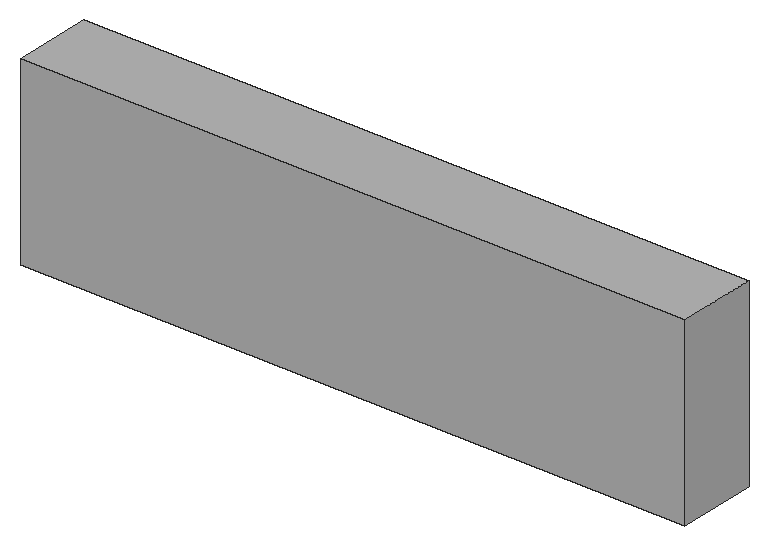
Revit family "K202 10x4 Square Edge Kerb", category Generic Models, Revit 2020
Family settings
  Can host rebar = No
  Round Connector Dimension = Use Diameter
  Part Type = Normal
  Work Plane-Based = No
  Always vertical = Yes
  Cut with Voids When Loaded = No
  Shared = No
  Room Calculation Point = No
Parameters
  Weight = "62Kg."
  Warranty Guarantor Parts = "n/a"
  Warranty Guarantor Labour = "n/a"
  Warranty Duration Unit = "n/a"
  Warranty Duration Parts = "n/a"
  Warranty Duration Labour = "n/a"
  Warranty Description = "n/a"
  Unit Width [instance] = 110 mm
  Unit Length [instance] = 914 mm
  Unit Height [instance] = 254 mm
  URL = "www.killeshal.com"
  Types = "Single"
  Type Comments = "Visit our website for a full list of available products."
  Sustainability Performance = "n/a"
  Structural Class = "n/a"
  Span = "Length."
  Slope = "0.00°"
  Size = "110 Wide x 254 High x 914mm Long."
  Shape = "As per drawing"
  Service Life = "0.000000"
  Serial Number = "n/a"
  Resistance to Fire = "n/a"
  Replacement Cost = "n/a"
  Reference = "n/a"
  Notified Body = "n/a"
  Nominal Cover to Main Bar = "n/a"
  Model = "K/202 Kerb."
  Mechanical Resistance = "n/a"
  Manufacturer = "Killeshal Precast Concrete Ltd."
  Load Bearing = no
  Life Cycle Environmental Load = "n/a"
  Length Options = "914mm."
  Keynote = "The information contained is the sole property of KPC Ltd., any reproduction in part or whole without permission of KPC Ltd. is prohibited."
  Environmental Product Declaration = "n/a"
  Environmental Class = "n/a"
  Durability against Corrosion = "n/a"
  Dimension Accuracy Class = "I.S. EN 1340:2003"
  Detailing = "As per design specification and product drawings."
  Description = "10\" x 4\" Square Edge Kerb."
  Default Elevation = 0 mm
  Dangerous Substances = "n/a"
  Contact Tel = "0035357 9353018"
  Contact Email = "sales@killeshal.com"
  Construction Type = "Precast"
  Construction Tolerance Class = "I.S. EN 1340:2003"
  Compressive Strength of Concrete = "n/a"
  Characteristics of Reinforcing Steel = "n/a"
  Characteristics Deflection Under Load = "n/a"
Reference planes
  plane 1 "Center (Front/Back)": y = 0
  plane 2: z = 0
  plane 3 "Center (Left/Right)": x = 0
  plane 4 "Rear": y = 55
  plane 5 "Front": y = -55
  plane 6 "Top": z = 254
Forms (mm)
  Extrusion 1, solid, material "Precast Concrete (KPC)"
    sketch origin (0, 0, 0) x (0, 1, 0) y (0, 0, 1)
      loop
        line (55, 0) -> (55, 254) -> (-55, 254) -> (-55, 0) -> (55, 0)
    from 0 to 914
Dimensions and locks
  "Unit Length": Extrusion 1 to Extrusion 1
  "Unit Width": Extrusion 1 to Extrusion 1
  "Unit Height": Extrusion 1 to Extrusion 1
  aligned and locked: level to plane 2
Automatic sketch dimensions
  Extrusion 1 sketch curve to level = 0 mm
  Extrusion 1 sketch curve to plane 5 "Front" = 0 mm
  Extrusion 1 sketch curve to plane 4 "Rear" = 0 mm
  Extrusion 1 sketch curve to plane 6 "Top" = 0 mm
